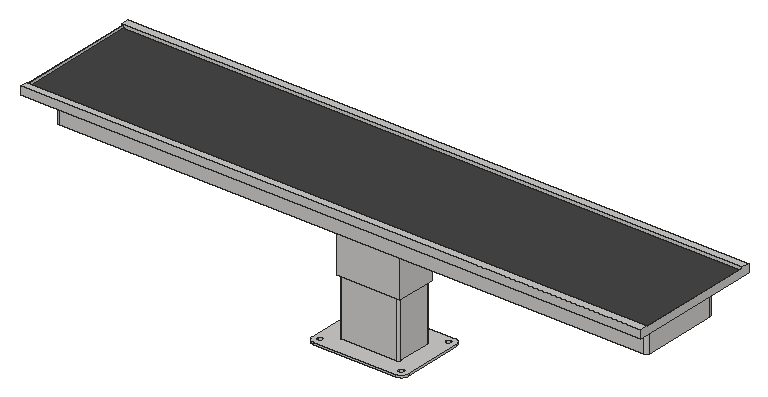
Revit family "Heater-Bromic-Platinum-Electric-Ceiling-Mounted_AU", category Mechanical Equipment, host Face, Revit 2020 (continued)
Definition of nested family "Low Clearance Recess Kit"
  Forms (mm)
    Extrusion 7, solid, material <- "Material_ANZRS", visible <- "2300W"
      sketch origin (0, 0, 0) x (1, 0, 0) y (0, 0, 1)
        loop
          line (90.75, -9) -> (90.75, -2)
          arc (90.75, -2) -> (90.164, -0.586) -> (88.75, 0) r 2
          line (88.75, 0) -> (80.75, 0) -> (80.75, -1) -> (88.75, -1)
        loop
          line (-88.75, -1) -> (-80.75, -1) -> (-80.75, 0) -> (-88.75, 0)
          arc (-88.75, 0) -> (-90.164, -0.586) -> (-90.75, -2) r 2
          line (-90.75, -2) -> (-90.75, -9)
          arc (-90.75, -9) -> (-90.164, -10.414) -> (-88.75, -11) r 2
          line (-88.75, -11) -> (-71.25, -11) -> (-71.25, -10) -> (-88.75, -10)
          arc (-88.75, -10) -> (-89.457, -9.707) -> (-89.75, -9) r 1
          line (-89.75, -9) -> (-89.75, -2)
          arc (-89.75, -2) -> (-89.457, -1.293) -> (-88.75, -1) r 1
      from -419 to 419
    Extrusion 8, void
      sketch origin (-400, 0, 0) x (1, 0, 0) y (0, 1, 0)
        loop
          line (331.367, 420.888) -> (312.971, 420.888) -> (331.367, 402.512) -> (331.367, 420.888)
        loop
          line (468.633, 420.888) -> (468.633, 402.512) -> (487.029, 420.888) -> (468.633, 420.888)
        loop
          line (331.367, -420.888) -> (331.367, -402.512) -> (312.971, -420.888) -> (331.367, -420.888)
        loop
          line (468.633, -420.888) -> (487.029, -420.888) -> (468.633, -402.512) -> (468.633, -420.888)
      from -11 to 0
    Extrusion 9, solid, material <- "Screen Material", visible <- "2300W"
      sketch origin (0, 0, 0) x (1, 0, 0) y (0, 1, 0)
        loop
          line (-89.75, 419.75) -> (-89.75, -419.75) -> (89.75, -419.75) -> (89.75, 419.75) -> (-89.75, 419.75)
      from -10 to -3
    Extrusion 10, solid, material <- "Material_ANZRS", visible <- "2300W"
      sketch origin (0, 0, 0) x (1, 0, 0) y (0, 0, 1)
        loop
          line (90.75, -15) -> (90.75, -3) -> (77.69, -3) -> (77.69, -10) -> (72.19, -10) -> (72.19, -3) -> (69.36, -3) -> (69.36, -10) -> (63.86, -10) -> (63.86, -3) -> (61.03, -3) -> (61.03, -10) -> (55.53, -10) -> (55.53, -3) -> (52.7, -3) -> (52.7, -10) -> (47.2, -10) -> (47.2, -3) -> (44.37, -3) -> (44.37, -10) -> (38.87, -10) -> (38.87, -3) -> (36.04, -3) -> (36.04, -10) -> (30.54, -10) -> (30.54, -3) -> (27.71, -3) -> (27.71, -10) -> (22.21, -10) -> (22.21, -3) -> (19.38, -3) -> (19.38, -10) -> (13.88, -10) -> (13.88, -3) -> (11.05, -3) -> (11.05, -10) -> (5.55, -10) -> (5.55, -3) -> (2.72, -3) -> (2.72, -10) -> (-2.78, -10) -> (-2.78, -3) -> (-5.61, -3) -> (-5.61, -10) -> (-11.11, -10) -> (-11.11, -3) -> (-13.94, -3) -> (-13.94, -10) -> (-19.44, -10) -> (-19.44, -3) -> (-22.27, -3) -> (-22.27, -10) -> (-27.77, -10) -> (-27.77, -3) -> (-30.6, -3) -> (-30.6, -10) -> (-36.1, -10) -> (-36.1, -3) -> (-38.93, -3) -> (-38.93, -10) -> (-44.43, -10) -> (-44.43, -3) -> (-47.26, -3) -> (-47.26, -10) -> (-52.76, -10) -> (-52.76, -3) -> (-55.59, -3) -> (-55.59, -10) -> (-61.09, -10) -> (-61.09, -3) -> (-63.92, -3) -> (-63.92, -10) -> (-69.42, -10) -> (-69.42, -3) -> (-72.25, -3) -> (-72.25, -10) -> (-77.75, -10) -> (-77.75, -3) -> (-90.75, -3) -> (-90.75, -15) -> (90.75, -15)
      from 423.75 to 477.75
    Extrusion 11, solid, material <- "Material_ANZRS", visible <- "2300W"
      sketch origin (0, 0, 0) x (1, 0, 0) y (0, 1, 0)
        loop
          line (90.75, -477.75) -> (90.75, -423.75) -> (83.25, -423.75)
          arc (83.25, -423.75) -> (81.482, -424.482) -> (80.75, -426.25) r 2.5
          line (80.75, -426.25) -> (80.75, -475.25)
          arc (80.75, -475.25) -> (81.482, -477.018) -> (83.25, -477.75) r 2.5
          line (83.25, -477.75) -> (90.75, -477.75)
        loop
          line (-90.75, -477.75) -> (-83.25, -477.75)
          arc (-83.25, -477.75) -> (-81.482, -477.018) -> (-80.75, -475.25) r 2.5
          line (-80.75, -475.25) -> (-80.75, -426.25)
          arc (-80.75, -426.25) -> (-81.482, -424.482) -> (-83.25, -423.75) r 2.5
          line (-83.25, -423.75) -> (-90.75, -423.75) -> (-90.75, -477.75)
      from -3 to 0
    Extrusion 12, solid, material <- "Material_ANZRS", visible <- "2300W"
      sketch origin (0, 0, 0) x (1, 0, 0) y (0, 0, -1)
        loop
          line (90.75, 15) -> (-90.75, 15) -> (-90.75, 3) -> (-77.75, 3) -> (-77.75, 10) -> (-72.25, 10) -> (-72.25, 3) -> (-69.42, 3) -> (-69.42, 10) -> (-63.92, 10) -> (-63.92, 3) -> (-61.09, 3) -> (-61.09, 10) -> (-55.59, 10) -> (-55.59, 3) -> (-52.76, 3) -> (-52.76, 10) -> (-47.26, 10) -> (-47.26, 3) -> (-44.43, 3) -> (-44.43, 10) -> (-38.93, 10) -> (-38.93, 3) -> (-36.1, 3) -> (-36.1, 10) -> (-30.6, 10) -> (-30.6, 3) -> (-27.77, 3) -> (-27.77, 10) -> (-22.27, 10) -> (-22.27, 3) -> (-19.44, 3) -> (-19.44, 10) -> (-13.94, 10) -> (-13.94, 3) -> (-11.11, 3) -> (-11.11, 10) -> (-5.61, 10) -> (-5.61, 3) -> (-2.78, 3) -> (-2.78, 10) -> (2.72, 10) -> (2.72, 3) -> (5.55, 3) -> (5.55, 10) -> (11.05, 10) -> (11.05, 3) -> (13.88, 3) -> (13.88, 10) -> (19.38, 10) -> (19.38, 3) -> (22.21, 3) -> (22.21, 10) -> (27.71, 10) -> (27.71, 3) -> (30.54, 3) -> (30.54, 10) -> (36.04, 10) -> (36.04, 3) -> (38.87, 3) -> (38.87, 10) -> (44.37, 10) -> (44.37, 3) -> (47.2, 3) -> (47.2, 10) -> (52.7, 10) -> (52.7, 3) -> (55.53, 3) -> (55.53, 10) -> (61.03, 10) -> (61.03, 3) -> (63.86, 3) -> (63.86, 10) -> (69.36, 10) -> (69.36, 3) -> (72.19, 3) -> (72.19, 10) -> (77.69, 10) -> (77.69, 3) -> (90.75, 3) -> (90.75, 15)
      from 423.75 to 477.75
    Extrusion 13, solid, material <- "Material_ANZRS", visible <- "2300W"
      sketch origin (0, 0, 0) x (1, 0, 0) y (0, 1, 0)
        loop
          line (90.75, 477.75) -> (83.25, 477.75)
          arc (83.25, 477.75) -> (81.482, 477.018) -> (80.75, 475.25) r 2.5
          line (80.75, 475.25) -> (80.75, 426.25)
          arc (80.75, 426.25) -> (81.482, 424.482) -> (83.25, 423.75) r 2.5
          line (83.25, 423.75) -> (90.75, 423.75) -> (90.75, 477.75)
        loop
          line (-90.75, 477.75) -> (-90.75, 423.75) -> (-83.25, 423.75)
          arc (-83.25, 423.75) -> (-81.482, 424.482) -> (-80.75, 426.25) r 2.5
          line (-80.75, 426.25) -> (-80.75, 475.25)
          arc (-80.75, 475.25) -> (-81.482, 477.018) -> (-83.25, 477.75) r 2.5
          line (-83.25, 477.75) -> (-90.75, 477.75)
      from -3 to 0
    Sweep 14, solid, material <- "Material_ANZRS", visible <- "2300W"
      path origin (0, 0, 0) x (1, 0, 0) y (0, 1, 0)
        loop
          line (-51.261, 381.373) -> (-51.261, 0) -> (-51.261, -381.373)
          arc (-51.261, -381.373) -> (-48.016, -389.207) -> (-40.182, -392.452) r 11.079
          line (-40.182, -392.452) -> (0, -392.452) -> (40.182, -392.452)
          arc (40.182, -392.452) -> (48.016, -389.207) -> (51.261, -381.373) r 11.079
          line (51.261, -381.373) -> (51.261, 0) -> (51.261, 381.373)
          arc (51.261, 381.373) -> (48.016, 389.207) -> (40.182, 392.452) r 11.079
          line (40.182, 392.452) -> (0, 392.452) -> (-40.182, 392.452)
          arc (-40.182, 392.452) -> (-48.016, 389.207) -> (-51.261, 381.373) r 11.079
      profile origin (-51.261, 190.687, 0) x (1, 0, 0) y (0, 0, 1)
        loop
          line (0, -53.5) -> (0, -10) -> (-19.182, -10)
          arc (-19.182, -10) -> (-13.864, -12.148) -> (-11.35, -17.303) r 8.001
          line (-11.35, -17.303) -> (-8.883, -45.501)
          arc (-8.883, -45.501) -> (-5.964, -51.192) -> (0, -53.5) r 8.988
    Extrusion 15, solid, material <- "Material_ANZRS", visible <- "2300W"
      sketch origin (0, 0, 0) x (1, 0, 0) y (0, 1, 0)
        loop
          arc (-40.182, 392.452) -> (-48.016, 389.207) -> (-51.261, 381.373) r 11.079
          line (-51.261, 381.373) -> (-51.261, -381.373)
          arc (-51.261, -381.373) -> (-48.016, -389.207) -> (-40.182, -392.452) r 11.079
          line (-40.182, -392.452) -> (40.182, -392.452)
          arc (40.182, -392.452) -> (48.016, -389.207) -> (51.261, -381.373) r 11.079
          line (51.261, -381.373) -> (51.261, 381.373)
          arc (51.261, 381.373) -> (48.016, 389.207) -> (40.182, 392.452) r 11.079
          line (40.182, 392.452) -> (-40.182, 392.452)
      from -53.5 to -11
    Extrusion 16, void
      sketch origin (-400, 0, 0) x (1, 0, 0) y (0, 1, 0)
        loop
          line (331.367, 638.888) -> (312.971, 638.888) -> (331.367, 620.512) -> (331.367, 638.888)
        loop
          line (468.633, 638.888) -> (468.633, 620.512) -> (487.029, 638.888) -> (468.633, 638.888)
        loop
          line (331.367, -638.888) -> (331.367, -620.512) -> (312.971, -638.888) -> (331.367, -638.888)
        loop
          line (468.633, -638.888) -> (487.029, -638.888) -> (468.633, -620.512) -> (468.633, -638.888)
      from -11 to 0
    Extrusion 17, solid, material <- "Recess Kits Material", visible <- "3400W"
      sketch origin (0, 0, 0) x (0, -1, 0) y (1, 0, 0)
        loop
          line (-737.5, 130.5) -> (-737.5, -130.5) -> (737.5, -130.5) -> (737.5, 130.5) -> (-737.5, 130.5)
        loop
          line (707, -100) -> (707, 100) -> (-707, 100) -> (-707, -100) -> (707, -100)
      from 0 to -1.5
    Extrusion 18, solid, material <- "Material_ANZRS", visible <- "3400W"
      sketch origin (0, 0, -453.224) x (0, 1, 0) y (0, 0, 1)
        loop
          line (-562.093, 288.224) -> (712, 288.224) -> (712, 451.724) -> (-712, 451.724) -> (-712, 405.344) -> (-562.093, 288.224)
      from -117 to 117
    Extrusion 19, solid, material <- "Material_ANZRS", visible <- "3400W"
      sketch origin (50, 218, 0) x (0, -1, 0) y (1, 0, 0)
        loop
          line (-625.7, -107) -> (-494, -107) -> (-494, 57) -> (-625.7, 57) -> (-625.7, -107)
      from -140 to -68
    Extrusion 20, solid, material <- "Material_ANZRS", visible <- "3400W"
      sketch origin (94, 218, -1.562) x (1, 0, 0) y (0, 0, 1)
        loop
          line (-17, -121.934) -> (-4.5, -114.717) -> (-4.5, -100.283) -> (-17, -93.066) -> (-29.5, -100.283) -> (-29.5, -114.717) -> (-17, -121.934)
        loop
          line (-47, -93.066) -> (-59.5, -100.283) -> (-59.5, -114.717) -> (-47, -121.934) -> (-34.5, -114.717) -> (-34.5, -100.283) -> (-47, -93.066)
        loop
          line (-64.5, -114.717) -> (-64.5, -100.283) -> (-77, -93.066) -> (-89.5, -100.283) -> (-89.5, -114.717) -> (-77, -121.934) -> (-64.5, -114.717)
        loop
          circle (-17, -107.5) r 3.586
        loop
          circle (-47, -107.5) r 3.586
        loop
          circle (-77, -107.5) r 3.586
      from -653.7 to -625.7
    Extrusion 21, solid, material <- "Material_ANZRS", visible <- "3400W"
      sketch origin (0, -218, -1.5) x (0, 1, 0) y (0, 0, 1)
        loop
          line (-394.668, -155.712) -> (-379.276, -136.012) -> (-441.529, -87.375) -> (-456.921, -107.075) -> (-394.668, -155.712)
      from -45 to 45
    Extrusion 22, solid, material <- "Material_ANZRS", visible <- "3400W"
      sketch origin (0, 0, 0) x (1, 0, 0) y (0, 0, 1)
        loop
          circle (0, -167.433) r 2.433
      from -712 to 562
    Extrusion 23, solid, material <- "Screen Material", visible <- "3400W"
      sketch origin (0, 0, 0) x (1, 0, 0) y (0, 1, 0)
        loop
          line (-89.75, 637.75) -> (-89.75, -637.75) -> (89.75, -637.75) -> (89.75, 637.75) -> (-89.75, 637.75)
      from -10 to -3
    Extrusion 24, solid, material <- "Material_ANZRS", visible <- "3400W"
      sketch origin (0, 0, 0) x (1, 0, 0) y (0, 0, 1)
        loop
          arc (88.75, -1) -> (89.457, -1.293) -> (89.75, -2) r 1
          line (89.75, -2) -> (89.75, -9)
          arc (89.75, -9) -> (89.457, -9.707) -> (88.75, -10) r 1
          line (88.75, -10) -> (71.25, -10) -> (71.25, -11) -> (88.75, -11)
          arc (88.75, -11) -> (90.164, -10.414) -> (90.75, -9) r 2
          line (90.75, -9) -> (90.75, -2)
          arc (90.75, -2) -> (90.164, -0.586) -> (88.75, 0) r 2
          line (88.75, 0) -> (80.75, 0) -> (80.75, -1) -> (88.75, -1)
        loop
          line (-88.75, -1) -> (-80.75, -1) -> (-80.75, 0) -> (-88.75, 0)
          arc (-88.75, 0) -> (-90.164, -0.586) -> (-90.75, -2) r 2
          line (-90.75, -2) -> (-90.75, -9)
          arc (-90.75, -9) -> (-90.164, -10.414) -> (-88.75, -11) r 2
          line (-88.75, -11) -> (-71.25, -11) -> (-71.25, -10) -> (-88.75, -10)
          arc (-88.75, -10) -> (-89.457, -9.707) -> (-89.75, -9) r 1
          line (-89.75, -9) -> (-89.75, -2)
          arc (-89.75, -2) -> (-89.457, -1.293) -> (-88.75, -1) r 1
      from -637 to 637
    Sweep 25, solid, material <- "Material_ANZRS", visible <- "3400W"
      path origin (0, 0, 0) x (1, 0, 0) y (0, 1, 0)
        loop
          line (-51.261, 599.194) -> (-51.261, 0) -> (-51.261, -599.458)
          arc (-51.261, -599.458) -> (-48.016, -607.292) -> (-40.182, -610.537) r 11.079
          line (-40.182, -610.537) -> (0, -610.537) -> (40.182, -610.537)
          arc (40.182, -610.537) -> (48.016, -607.292) -> (51.261, -599.458) r 11.079
          line (51.261, -599.458) -> (51.261, 0) -> (51.261, 599.194)
          arc (51.261, 599.194) -> (48.016, 607.028) -> (40.182, 610.273) r 11.079
          line (40.182, 610.273) -> (0, 610.273) -> (-40.182, 610.273)
          arc (-40.182, 610.273) -> (-48.016, 607.028) -> (-51.261, 599.194) r 11.079
      profile origin (-51.261, 299.597, 0) x (1, 0, 0) y (0, 0, 1)
        loop
          line (0, -53.5) -> (0, -10) -> (-19.182, -10)
          arc (-19.182, -10) -> (-13.864, -12.148) -> (-11.35, -17.303) r 8.001
          line (-11.35, -17.303) -> (-8.883, -45.501)
          arc (-8.883, -45.501) -> (-5.964, -51.192) -> (0, -53.5) r 8.988
    Extrusion 26, solid, material <- "Material_ANZRS", visible <- "3400W"
      sketch origin (0, -2.452, 0) x (1, 0, 0) y (0, 1, 0)
        loop
          arc (-40.182, 612.726) -> (-48.016, 609.481) -> (-51.261, 601.647) r 11.079
          line (-51.261, 601.647) -> (-51.261, -597.005)
          arc (-51.261, -597.005) -> (-48.016, -604.839) -> (-40.182, -608.085) r 11.079
          line (-40.182, -608.085) -> (40.182, -608.085)
          arc (40.182, -608.085) -> (48.016, -604.839) -> (51.261, -597.005) r 11.079
          line (51.261, -597.005) -> (51.261, 601.647)
          arc (51.261, 601.647) -> (48.016, 609.481) -> (40.182, 612.726) r 11.079
          line (40.182, 612.726) -> (-40.182, 612.726)
      from -53.5 to -11
    Extrusion 27, solid, material <- "Material_ANZRS", visible <- "3400W"
      sketch origin (0, -218, 0) x (1, 0, 0) y (0, 0, 1)
        loop
          line (90.75, -15) -> (90.75, -3) -> (77.69, -3) -> (77.69, -10) -> (72.19, -10) -> (72.19, -3) -> (69.36, -3) -> (69.36, -10) -> (63.86, -10) -> (63.86, -3) -> (61.03, -3) -> (61.03, -10) -> (55.53, -10) -> (55.53, -3) -> (52.7, -3) -> (52.7, -10) -> (47.2, -10) -> (47.2, -3) -> (44.37, -3) -> (44.37, -10) -> (38.87, -10) -> (38.87, -3) -> (36.04, -3) -> (36.04, -10) -> (30.54, -10) -> (30.54, -3) -> (27.71, -3) -> (27.71, -10) -> (22.21, -10) -> (22.21, -3) -> (19.38, -3) -> (19.38, -10) -> (13.88, -10) -> (13.88, -3) -> (11.05, -3) -> (11.05, -10) -> (5.55, -10) -> (5.55, -3) -> (2.72, -3) -> (2.72, -10) -> (-2.78, -10) -> (-2.78, -3) -> (-5.61, -3) -> (-5.61, -10) -> (-11.11, -10) -> (-11.11, -3) -> (-13.94, -3) -> (-13.94, -10) -> (-19.44, -10) -> (-19.44, -3) -> (-22.27, -3) -> (-22.27, -10) -> (-27.77, -10) -> (-27.77, -3) -> (-30.6, -3) -> (-30.6, -10) -> (-36.1, -10) -> (-36.1, -3) -> (-38.93, -3) -> (-38.93, -10) -> (-44.43, -10) -> (-44.43, -3) -> (-47.26, -3) -> (-47.26, -10) -> (-52.76, -10) -> (-52.76, -3) -> (-55.59, -3) -> (-55.59, -10) -> (-61.09, -10) -> (-61.09, -3) -> (-63.92, -3) -> (-63.92, -10) -> (-69.42, -10) -> (-69.42, -3) -> (-72.25, -3) -> (-72.25, -10) -> (-77.75, -10) -> (-77.75, -3) -> (-90.75, -3) -> (-90.75, -15) -> (90.75, -15)
      from 423.75 to 477.75
    Extrusion 28, solid, material <- "Material_ANZRS", visible <- "3400W"
      sketch origin (0, -218, 0) x (1, 0, 0) y (0, 1, 0)
        loop
          line (90.75, -477.75) -> (90.75, -423.75) -> (83.25, -423.75)
          arc (83.25, -423.75) -> (81.482, -424.482) -> (80.75, -426.25) r 2.5
          line (80.75, -426.25) -> (80.75, -475.25)
          arc (80.75, -475.25) -> (81.482, -477.018) -> (83.25, -477.75) r 2.5
          line (83.25, -477.75) -> (90.75, -477.75)
        loop
          line (-90.75, -477.75) -> (-83.25, -477.75)
          arc (-83.25, -477.75) -> (-81.482, -477.018) -> (-80.75, -475.25) r 2.5
          line (-80.75, -475.25) -> (-80.75, -426.25)
          arc (-80.75, -426.25) -> (-81.482, -424.482) -> (-83.25, -423.75) r 2.5
          line (-83.25, -423.75) -> (-90.75, -423.75) -> (-90.75, -477.75)
      from -3 to 0
    Extrusion 29, solid, material <- "Material_ANZRS", visible <- "3400W"
      sketch origin (0, 1119.5, 0) x (1, 0, 0) y (0, 0, 1)
        loop
          line (90.75, -15) -> (90.75, -3) -> (77.69, -3) -> (77.69, -10) -> (72.19, -10) -> (72.19, -3) -> (69.36, -3) -> (69.36, -10) -> (63.86, -10) -> (63.86, -3) -> (61.03, -3) -> (61.03, -10) -> (55.53, -10) -> (55.53, -3) -> (52.7, -3) -> (52.7, -10) -> (47.2, -10) -> (47.2, -3) -> (44.37, -3) -> (44.37, -10) -> (38.87, -10) -> (38.87, -3) -> (36.04, -3) -> (36.04, -10) -> (30.54, -10) -> (30.54, -3) -> (27.71, -3) -> (27.71, -10) -> (22.21, -10) -> (22.21, -3) -> (19.38, -3) -> (19.38, -10) -> (13.88, -10) -> (13.88, -3) -> (11.05, -3) -> (11.05, -10) -> (5.55, -10) -> (5.55, -3) -> (2.72, -3) -> (2.72, -10) -> (-2.78, -10) -> (-2.78, -3) -> (-5.61, -3) -> (-5.61, -10) -> (-11.11, -10) -> (-11.11, -3) -> (-13.94, -3) -> (-13.94, -10) -> (-19.44, -10) -> (-19.44, -3) -> (-22.27, -3) -> (-22.27, -10) -> (-27.77, -10) -> (-27.77, -3) -> (-30.6, -3) -> (-30.6, -10) -> (-36.1, -10) -> (-36.1, -3) -> (-38.93, -3) -> (-38.93, -10) -> (-44.43, -10) -> (-44.43, -3) -> (-47.26, -3) -> (-47.26, -10) -> (-52.76, -10) -> (-52.76, -3) -> (-55.59, -3) -> (-55.59, -10) -> (-61.09, -10) -> (-61.09, -3) -> (-63.92, -3) -> (-63.92, -10) -> (-69.42, -10) -> (-69.42, -3) -> (-72.25, -3) -> (-72.25, -10) -> (-77.75, -10) -> (-77.75, -3) -> (-90.75, -3) -> (-90.75, -15) -> (90.75, -15)
      from 423.75 to 477.75
    Extrusion 30, solid, material <- "Material_ANZRS", visible <- "3400W"
      sketch origin (0, 1119.5, 0) x (1, 0, 0) y (0, 1, 0)
        loop
          line (90.75, -477.75) -> (90.75, -423.75) -> (83.25, -423.75)
          arc (83.25, -423.75) -> (81.482, -424.482) -> (80.75, -426.25) r 2.5
          line (80.75, -426.25) -> (80.75, -475.25)
          arc (80.75, -475.25) -> (81.482, -477.018) -> (83.25, -477.75) r 2.5
          line (83.25, -477.75) -> (90.75, -477.75)
        loop
          line (-90.75, -477.75) -> (-83.25, -477.75)
          arc (-83.25, -477.75) -> (-81.482, -477.018) -> (-80.75, -475.25) r 2.5
          line (-80.75, -475.25) -> (-80.75, -426.25)
          arc (-80.75, -426.25) -> (-81.482, -424.482) -> (-83.25, -423.75) r 2.5
          line (-83.25, -423.75) -> (-90.75, -423.75) -> (-90.75, -477.75)
      from -3 to 0
    Extrusion 31, void
      sketch origin (0, 0, -300) x (0, 1, 0) y (0, 0, 1)
        loop
          line (-340.452, 140) -> (489, 140) -> (489, 300) -> (-489, 300) -> (-489, 256.059) -> (-340.452, 140)
      from -100 to 100
    Extrusion 32, void
      sketch origin (0, 0, -300) x (0, 1, 0) y (0, 0, 1)
        loop
          line (-560.372, 140) -> (707, 140) -> (707, 300) -> (-707, 300) -> (-707, 254.559) -> (-560.372, 140)
      from -100 to 100
    Extrusion 33, solid, material <- "Material_ANZRS", visible <- "2300W"
      sketch origin (0, 0, 0) x (1, 0, 0) y (0, 1, 0)
        loop
          line (37, 70) -> (-37, 70)
          arc (-37, 70) -> (-44.071, 67.071) -> (-47, 60) r 10
          line (-47, 60) -> (-47, -60)
          arc (-47, -60) -> (-44.071, -67.071) -> (-37, -70) r 10
          line (-37, -70) -> (37, -70)
          arc (37, -70) -> (44.071, -67.071) -> (47, -60) r 10
          line (47, -60) -> (47, 60)
          arc (47, 60) -> (44.071, 67.071) -> (37, 70) r 10
      from -53.5 to -57.2
    Extrusion 34, solid, material <- "Material_ANZRS", visible <- "2300W"
      sketch origin (0, 0, 0) x (1, 0, 0) y (0, 1, 0)
        loop
          line (13.5, 36.5) -> (-13.5, 36.5) -> (-13.5, -36.5) -> (13.5, -36.5) -> (13.5, 36.5)
      from -57.2 to -126
    Extrusion 35, solid, material <- "Material_ANZRS", visible <- "3400W"
      sketch origin (0, 0, 0) x (1, 0, 0) y (0, 1, 0)
        loop
          line (37, 70) -> (-37, 70)
          arc (-37, 70) -> (-44.071, 67.071) -> (-47, 60) r 10
          line (-47, 60) -> (-47, -60)
          arc (-47, -60) -> (-44.071, -67.071) -> (-37, -70) r 10
          line (-37, -70) -> (37, -70)
          arc (37, -70) -> (44.071, -67.071) -> (47, -60) r 10
          line (47, -60) -> (47, 60)
          arc (47, 60) -> (44.071, 67.071) -> (37, 70) r 10
      from -53.5 to -57.2
    Extrusion 36, solid, material <- "Material_ANZRS", visible <- "3400W"
      sketch origin (0, 0, 0) x (1, 0, 0) y (0, 1, 0)
        loop
          line (13.5, 36.5) -> (-13.5, 36.5) -> (-13.5, -36.5) -> (13.5, -36.5) -> (13.5, 36.5)
      from -57.2 to -126
    Extrusion 37, solid, material <- "Recess Kits Material", visible <- "4500W"
      sketch origin (0, -1879.6, 0) x (0, -1, 0) y (1, 0, 0)
        loop
          line (-2677.1, 169) -> (-2677.1, -169) -> (-1082.1, -169) -> (-1082.1, 169) -> (-2677.1, 169)
        loop
          line (-1112.6, -138.5) -> (-1112.6, 138.5) -> (-2646.6, 138.5) -> (-2646.6, -138.5) -> (-1112.6, -138.5)
      from 0 to -1.5
    Extrusion 38, void
      sketch origin (-400, -1879.6, 0) x (1, 0, 0) y (0, 1, 0)
        loop
          line (290.867, 2582.85) -> (272.471, 2582.85) -> (290.867, 2564.474) -> (290.867, 2582.85)
        loop
          line (509.133, 2582.85) -> (509.133, 2564.474) -> (527.529, 2582.85) -> (509.133, 2582.85)
        loop
          line (290.867, 1177.573) -> (290.867, 1195.95) -> (272.471, 1177.573) -> (290.867, 1177.573)
        loop
          line (509.133, 1177.573) -> (527.529, 1177.573) -> (509.133, 1195.95) -> (509.133, 1177.573)
      from -11 to 0
    Extrusion 39, solid, material <- "Screen Material", visible <- "4500W"
      sketch origin (0, 85.5, 0) x (1, 0, 0) y (0, 1, 0)
        loop
          line (-130.25, 615.25) -> (-130.25, -786.25) -> (130.25, -786.25) -> (130.25, 615.25) -> (-130.25, 615.25)
      from -10 to -3
    Extrusion 40, solid, material <- "Material_ANZRS", visible <- "4500W"
      sketch origin (0, -1880.35, 0) x (1, 0, 0) y (0, 0, 1)
        loop
          arc (129.25, -1) -> (129.957, -1.293) -> (130.25, -2) r 1
          line (130.25, -2) -> (130.25, -9)
          arc (130.25, -9) -> (129.957, -9.707) -> (129.25, -10) r 1
          line (129.25, -10) -> (111.75, -10) -> (111.75, -11) -> (129.25, -11)
          arc (129.25, -11) -> (130.664, -10.414) -> (131.25, -9) r 2
          line (131.25, -9) -> (131.25, -2)
          arc (131.25, -2) -> (130.664, -0.586) -> (129.25, 0) r 2
          line (129.25, 0) -> (121.25, 0) -> (121.25, -1) -> (129.25, -1)
        loop
          line (-129.25, -1) -> (-121.25, -1) -> (-121.25, 0) -> (-129.25, 0)
          arc (-129.25, 0) -> (-130.664, -0.586) -> (-131.25, -2) r 2
          line (-131.25, -2) -> (-131.25, -9)
          arc (-131.25, -9) -> (-130.664, -10.414) -> (-129.25, -11) r 2
          line (-129.25, -11) -> (-111.75, -11) -> (-111.75, -10) -> (-129.25, -10)
          arc (-129.25, -10) -> (-129.957, -9.707) -> (-130.25, -9) r 1
          line (-130.25, -9) -> (-130.25, -2)
          arc (-130.25, -2) -> (-129.957, -1.293) -> (-129.25, -1) r 1
      from -2580.35 to -1180.35
    Extrusion 41, solid, material <- "Material_ANZRS", visible <- "4500W"
      sketch origin (0, -281, 0) x (1, 0, 0) y (0, 0, 1)
        loop
          line (131.25, -15) -> (131.25, -3) -> (118.19, -3) -> (118.19, -10) -> (112.69, -10) -> (112.69, -3) -> (109.86, -3) -> (109.86, -10) -> (104.36, -10) -> (104.36, -3) -> (101.53, -3) -> (101.53, -10) -> (96.03, -10) -> (96.03, -3) -> (93.2, -3) -> (93.2, -10) -> (87.7, -10) -> (87.7, -3) -> (84.87, -3) -> (84.87, -10) -> (79.37, -10) -> (79.37, -3) -> (76.54, -3) -> (76.54, -10) -> (71.04, -10) -> (71.04, -3) -> (68.21, -3) -> (68.21, -10) -> (62.71, -10) -> (62.71, -3) -> (59.88, -3) -> (59.88, -10) -> (54.38, -10) -> (54.38, -3) -> (51.55, -3) -> (51.55, -10) -> (46.05, -10) -> (46.05, -3) -> (43.22, -3) -> (43.22, -10) -> (37.78, -10) -> (37.78, -3) -> (34.95, -3) -> (34.95, -10) -> (29.45, -10) -> (29.45, -3) -> (26.62, -3) -> (26.62, -10) -> (21.12, -10) -> (21.12, -3) -> (18.29, -3) -> (18.29, -10) -> (12.79, -10) -> (12.79, -3) -> (9.96, -3) -> (9.96, -10) -> (4.46, -10) -> (4.46, -3) -> (1.63, -3) -> (1.63, -10) -> (-1.63, -10) -> (-1.63, -3) -> (-4.46, -3) -> (-4.46, -10) -> (-9.96, -10) -> (-9.96, -3) -> (-12.79, -3) -> (-12.79, -10) -> (-18.29, -10) -> (-18.29, -3) -> (-21.12, -3) -> (-21.12, -10) -> (-26.62, -10) -> (-26.62, -3) -> (-29.45, -3) -> (-29.45, -10) -> (-34.95, -10) -> (-34.95, -3) -> (-37.78, -3) -> (-37.78, -10) -> (-43.28, -10) -> (-43.28, -3) -> (-46.11, -3) -> (-46.11, -10) -> (-51.61, -10) -> (-51.61, -3) -> (-54.44, -3) -> (-54.44, -10) -> (-59.94, -10) -> (-59.94, -3) -> (-62.77, -3) -> (-62.77, -10) -> (-68.27, -10) -> (-68.27, -3) -> (-71.1, -3) -> (-71.1, -10) -> (-76.6, -10) -> (-76.6, -3) -> (-79.43, -3) -> (-79.43, -10) -> (-84.93, -10) -> (-84.93, -3) -> (-87.76, -3) -> (-87.76, -10) -> (-93.26, -10) -> (-93.26, -3) -> (-96.09, -3) -> (-96.09, -10) -> (-101.59, -10) -> (-101.59, -3) -> (-104.42, -3) -> (-104.42, -10) -> (-109.92, -10) -> (-109.92, -3) -> (-112.75, -3) -> (-112.75, -10) -> (-118.25, -10) -> (-118.25, -3) -> (-131.25, -3) -> (-131.25, -15) -> (131.25, -15)
      from 423.75 to 477.75
    Extrusion 42, solid, material <- "Material_ANZRS", visible <- "4500W"
      sketch origin (0, -281, 0) x (1, 0, 0) y (0, 1, 0)
        loop
          line (131.25, -477.75) -> (131.25, -423.75) -> (123.75, -423.75)
          arc (123.75, -423.75) -> (121.982, -424.482) -> (121.25, -426.25) r 2.5
          line (121.25, -426.25) -> (121.25, -475.25)
          arc (121.25, -475.25) -> (121.982, -477.018) -> (123.75, -477.75) r 2.5
          line (123.75, -477.75) -> (131.25, -477.75)
        loop
          line (-131.25, -477.75) -> (-123.75, -477.75)
          arc (-123.75, -477.75) -> (-121.982, -477.018) -> (-121.25, -475.25) r 2.5
          line (-121.25, -475.25) -> (-121.25, -426.25)
          arc (-121.25, -426.25) -> (-121.982, -424.482) -> (-123.75, -423.75) r 2.5
          line (-123.75, -423.75) -> (-131.25, -423.75) -> (-131.25, -477.75)
      from -3 to 0
    Extrusion 43, solid, material <- "Material_ANZRS", visible <- "4500W"
      sketch origin (0, 1182.5, 0) x (1, 0, 0) y (0, 0, 1)
        loop
          line (131.25, -15) -> (131.25, -3) -> (118.19, -3) -> (118.19, -10) -> (112.69, -10) -> (112.69, -3) -> (109.86, -3) -> (109.86, -10) -> (104.36, -10) -> (104.36, -3) -> (101.53, -3) -> (101.53, -10) -> (96.03, -10) -> (96.03, -3) -> (93.2, -3) -> (93.2, -10) -> (87.7, -10) -> (87.7, -3) -> (84.87, -3) -> (84.87, -10) -> (79.37, -10) -> (79.37, -3) -> (76.54, -3) -> (76.54, -10) -> (71.04, -10) -> (71.04, -3) -> (68.21, -3) -> (68.21, -10) -> (62.71, -10) -> (62.71, -3) -> (59.88, -3) -> (59.88, -10) -> (54.38, -10) -> (54.38, -3) -> (51.55, -3) -> (51.55, -10) -> (46.05, -10) -> (46.05, -3) -> (43.22, -3) -> (43.22, -10) -> (37.78, -10) -> (37.78, -3) -> (34.95, -3) -> (34.95, -10) -> (29.45, -10) -> (29.45, -3) -> (26.62, -3) -> (26.62, -10) -> (21.12, -10) -> (21.12, -3) -> (18.29, -3) -> (18.29, -10) -> (12.79, -10) -> (12.79, -3) -> (9.96, -3) -> (9.96, -10) -> (4.46, -10) -> (4.46, -3) -> (1.63, -3) -> (1.63, -10) -> (-1.63, -10) -> (-1.63, -3) -> (-4.46, -3) -> (-4.46, -10) -> (-9.96, -10) -> (-9.96, -3) -> (-12.79, -3) -> (-12.79, -10) -> (-18.29, -10) -> (-18.29, -3) -> (-21.12, -3) -> (-21.12, -10) -> (-26.62, -10) -> (-26.62, -3) -> (-29.45, -3) -> (-29.45, -10) -> (-34.95, -10) -> (-34.95, -3) -> (-37.78, -3) -> (-37.78, -10) -> (-43.28, -10) -> (-43.28, -3) -> (-46.11, -3) -> (-46.11, -10) -> (-51.61, -10) -> (-51.61, -3) -> (-54.44, -3) -> (-54.44, -10) -> (-59.94, -10) -> (-59.94, -3) -> (-62.77, -3) -> (-62.77, -10) -> (-68.27, -10) -> (-68.27, -3) -> (-71.1, -3) -> (-71.1, -10) -> (-76.6, -10) -> (-76.6, -3) -> (-79.43, -3) -> (-79.43, -10) -> (-84.93, -10) -> (-84.93, -3) -> (-87.76, -3) -> (-87.76, -10) -> (-93.26, -10) -> (-93.26, -3) -> (-96.09, -3) -> (-96.09, -10) -> (-101.59, -10) -> (-101.59, -3) -> (-104.42, -3) -> (-104.42, -10) -> (-109.92, -10) -> (-109.92, -3) -> (-112.75, -3) -> (-112.75, -10) -> (-118.25, -10) -> (-118.25, -3) -> (-131.25, -3) -> (-131.25, -15) -> (131.25, -15)
      from 423.75 to 477.75
    Extrusion 44, solid, material <- "Material_ANZRS", visible <- "4500W"
      sketch origin (0, 1182.5, 0) x (1, 0, 0) y (0, 1, 0)
        loop
          line (131.25, -477.75) -> (131.25, -423.75) -> (123.75, -423.75)
          arc (123.75, -423.75) -> (121.982, -424.482) -> (121.25, -426.25) r 2.5
          line (121.25, -426.25) -> (121.25, -475.25)
          arc (121.25, -475.25) -> (121.982, -477.018) -> (123.75, -477.75) r 2.5
          line (123.75, -477.75) -> (131.25, -477.75)
        loop
          line (-131.25, -477.75) -> (-123.75, -477.75)
          arc (-123.75, -477.75) -> (-121.982, -477.018) -> (-121.25, -475.25) r 2.5
          line (-121.25, -475.25) -> (-121.25, -426.25)
          arc (-121.25, -426.25) -> (-121.982, -424.482) -> (-123.75, -423.75) r 2.5
          line (-123.75, -423.75) -> (-131.25, -423.75) -> (-131.25, -477.75)
      from -3 to 0
    Extrusion 45, solid, material <- "Material_ANZRS", visible <- "4500W"
      sketch origin (50, 275, 0) x (0, -1, 0) y (1, 0, 0)
        loop
          line (-625.7, -107) -> (-494, -107) -> (-494, 57) -> (-625.7, 57) -> (-625.7, -107)
      from -140 to -68
    Extrusion 46, solid, material <- "Material_ANZRS", visible <- "4500W"
      sketch origin (94, 275, -1.562) x (1, 0, 0) y (0, 0, 1)
        loop
          line (-17, -121.934) -> (-4.5, -114.717) -> (-4.5, -100.283) -> (-17, -93.066) -> (-29.5, -100.283) -> (-29.5, -114.717) -> (-17, -121.934)
        loop
          line (-47, -93.066) -> (-59.5, -100.283) -> (-59.5, -114.717) -> (-47, -121.934) -> (-34.5, -114.717) -> (-34.5, -100.283) -> (-47, -93.066)
        loop
          line (-64.5, -114.717) -> (-64.5, -100.283) -> (-77, -93.066) -> (-89.5, -100.283) -> (-89.5, -114.717) -> (-77, -121.934) -> (-64.5, -114.717)
        loop
          circle (-17, -107.5) r 3.586
        loop
          circle (-47, -107.5) r 3.586
        loop
          circle (-77, -107.5) r 3.586
      from -653.7 to -625.7
    Extrusion 47, solid, material <- "Material_ANZRS", visible <- "4500W"
      sketch origin (0, -1879.6, 0) x (1, 0, 0) y (0, 0, 1)
        loop
          circle (0, -167.433) r 2.433
      from -2648.6 to -1231.6
    Sweep 48, solid, material <- "Material_ANZRS", visible <- "4500W"
      path origin (0, -1879.6, 0) x (1, 0, 0) y (0, 1, 0)
        loop
          line (-78.261, 2541.794) -> (-78.261, 1217.142)
          arc (-78.261, 1217.142) -> (-75.016, 1209.308) -> (-67.182, 1206.063) r 11.079
          line (-67.182, 1206.063) -> (67.182, 1206.063)
          arc (67.182, 1206.063) -> (75.016, 1209.308) -> (78.261, 1217.142) r 11.079
          line (78.261, 1217.142) -> (78.261, 2541.794)
          arc (78.261, 2541.794) -> (75.016, 2549.628) -> (67.182, 2552.873) r 11.079
          line (67.182, 2552.873) -> (0, 2552.873) -> (-67.182, 2552.873)
          arc (-67.182, 2552.873) -> (-75.016, 2549.628) -> (-78.261, 2541.794) r 11.079
      profile origin (-78.261, -0.132, 0) x (1, 0, 0) y (0, 0, 1)
        loop
          line (0, -53.5) -> (0, -10) -> (-19.182, -10)
          arc (-19.182, -10) -> (-13.864, -12.148) -> (-11.35, -17.303) r 8.001
          line (-11.35, -17.303) -> (-8.883, -45.501)
          arc (-8.883, -45.501) -> (-5.964, -51.192) -> (0, -53.5) r 8.988
    Extrusion 49, solid, material <- "Material_ANZRS", visible <- "4500W"
      sketch origin (0, -1882.052, 0) x (1, 0, 0) y (0, 1, 0)
        loop
          arc (-67.182, 2555.325) -> (-75.016, 2552.08) -> (-78.261, 2544.246) r 11.079
          line (-78.261, 2544.246) -> (-78.261, 1219.595)
          arc (-78.261, 1219.595) -> (-75.016, 1211.76) -> (-67.182, 1208.515) r 11.079
          line (-67.182, 1208.515) -> (67.182, 1208.515)
          arc (67.182, 1208.515) -> (75.016, 1211.76) -> (78.261, 1219.595) r 11.079
          line (78.261, 1219.595) -> (78.261, 2544.246)
          arc (78.261, 2544.246) -> (75.016, 2552.08) -> (67.182, 2555.325) r 11.079
          line (67.182, 2555.325) -> (-67.182, 2555.325)
      from -53.5 to -11
    Extrusion 50, solid, material <- "Material_ANZRS", visible <- "4500W"
      sketch origin (0, 0, 0) x (1, 0, 0) y (0, 1, 0)
        loop
          line (37, 70) -> (-37, 70)
          arc (-37, 70) -> (-44.071, 67.071) -> (-47, 60) r 10
          line (-47, 60) -> (-47, -60)
          arc (-47, -60) -> (-44.071, -67.071) -> (-37, -70) r 10
          line (-37, -70) -> (37, -70)
          arc (37, -70) -> (44.071, -67.071) -> (47, -60) r 10
          line (47, -60) -> (47, 60)
          arc (47, 60) -> (44.071, 67.071) -> (37, 70) r 10
      from -53.5 to -57.2
    Extrusion 51, solid, material <- "Material_ANZRS", visible <- "4500W"
      sketch origin (0, -303.5, -1.5) x (0, 1, 0) y (0, 0, 1)
        loop
          line (-394.668, -155.712) -> (-379.276, -136.012) -> (-441.529, -87.375) -> (-456.921, -107.075) -> (-394.668, -155.712)
      from -45 to 45
    Extrusion 52, solid, material <- "Material_ANZRS", visible <- "4500W"
      sketch origin (0, 0, 0) x (1, 0, 0) y (0, 1, 0)
        loop
          line (13.5, 36.5) -> (-13.5, 36.5) -> (-13.5, -36.5) -> (13.5, -36.5) -> (13.5, 36.5)
      from -57.2 to -126
    Extrusion 53, solid, material <- "Material_ANZRS", visible <- "4500W"
      sketch origin (0, -1879.6, -453.224) x (0, 1, 0) y (0, 0, 1)
        loop
          line (1232.007, 288.224) -> (2648.6, 288.224) -> (2648.6, 451.724) -> (1110.6, 451.724) -> (1110.6, 383.078) -> (1232.007, 288.224)
      from -155.1 to 155.1
    Extrusion 54, void
      sketch origin (0, -1879.6, -300) x (0, 1, 0) y (0, 0, 1)
        loop
          line (1233.635, 140) -> (2643.6, 140) -> (2643.6, 300) -> (1115.6, 300) -> (1115.6, 232.219) -> (1233.635, 140)
      from -138.1 to 138.1
  Cuts and joins
    Extrusion 8 cuts Extrusion 7
    joined: Extrusion 10, Extrusion 11
    joined: Extrusion 12, Extrusion 13
    Extrusion 16 cuts Extrusion 24
    joined: Extrusion 27, Extrusion 28
    joined: Extrusion 29, Extrusion 30
    Extrusion 31 cuts Extrusion 1
    Extrusion 32 cuts Extrusion 18
    Extrusion 54 cuts Extrusion 53
    Extrusion 38 cuts Extrusion 40
    joined: Sweep 48, Extrusion 49
  Dimensions and locks
    aligned and locked: level to plane 2
